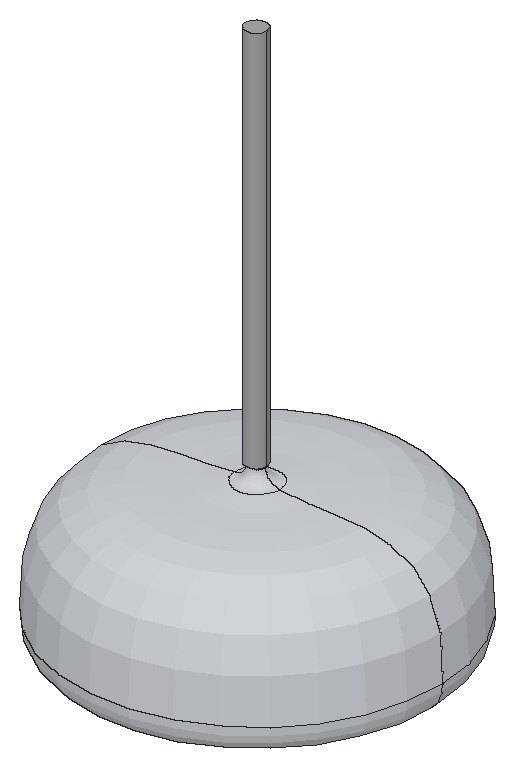
Revit family "P6-SM Pendant Loudspeaker", category Communication Devices, Revit 2017
Family settings
  Maintain Annotation Orientation = No
  Round Connector Dimension = Use Diameter
  Part Type = Normal
  Work Plane-Based = No
  Always vertical = Yes
  Cut with Voids When Loaded = No
  Shared = No
  Room Calculation Point = No
Parameters (values of type "P6-SM")
  Unit Weight = "5 kg (11 lbs)"
  URL = "Default"
  Type Comments = "Not Used"
  Transformer - 70V = "60W, 30W, 15W, 7.5W, 3.75W, 1.875W"
  Transformer - 100V = "60W, 30W, 15W, 7.5W, 3.75W"
  Support Cable Length [instance] = 1' - 0"
  Recommended Amplifiers = "60W - 102W @ 6 ohms, (19V - 27V)"
  Required Accessories = "80 Hz, 12db/Oct High Pass"
  Transducers = "LF1 x 6.5\" (165mm) polypropylene cone / HF1 x 1\" (25mm) soft dome"
  Support Cable Diameter [instance] = 0' - 0 21/64"
  Operating Range = "75 Hz to 18.5 kHz (-10dB)"
  Operating Mode = "Passive with DSP"
  Operating Environment = "Indoor/Outdoor (splash applications only)"
  Nominal Sensitivity @ 1m = "Passive / @1W - 87 dB / @2.83V - 88 dB"
  Nominal Maximum SPL @ 1m = "Passive / Peak - 111 db / Continuous - 105 dB"
  Nominal Beamwidth (H x V) = "90°, conical"
  Mounting Provisions = "Two pre-terminated aircarft cables (one as primary support, one as a saftey cable), and Griplock cable fasteners. 14 feet (4.3 m) of pre-terminated Magic Cable"
  Mounting Height [instance] = 10' - 0"
  Model = "P6-SM"
  Manufacturer = "Biamp"
  Input Connection = "Pre-terminated inside housing"
  Grille = "Powder-coated perforated steel\r\nWhite (RAL 9011) or Black (RAL 9010) finish"
  Finish = "PC/ABS V-O plastic, matte finish (Black or White)"
  Dimensions H x W (diameter) = "139 mm x 292mm (5.5\" x 11.5\")"
  Description = "Default"
  Controls = "Wattage / low impedance selector switch"
  Continuous Power Handling @ Nominal Impedance = "Passive / 19V / 60W @6 ohms (240W peak)"
  Compliance = "ETL listed to comply with UL std 1480A, \r\n\r\nSuspension system and Gripple cable fasteners listed per\r\nUL1598 and UL2239, TUV and CSA Class 3426-01 and Class\r\n3426-81."
  Accessories (included) = "Two Griplock cbale fasteners"
  Accessories (optional) = "MC-SK10 inline splice kits"
Reference planes (in)
  plane 1 "Center (Front/Back)": y = 0
  plane 2: z = 0
  plane 3 "Center (Left/Right)": x = 0
  plane 4 "Face of Speaker": z = 120
  plane 5 "Molding Break Line": z = 120
  plane 6 "Top of Speaker": z = 125.5
  plane 7: z = 137.5
Forms (in)
  Extrusion 1, solid, material "Aircraft Cable"
    sketch origin (0, 0, 0) x (1, 0, 0) y (0, 1, 0)
      loop
        circle (0, 0) r 0.32812
    from 125.5 to 137.5
  Revolve 2, solid
    sketch origin (-36.95844, 0, 0) x (1, 0, 0) y (0, 0, 1)
      loop
        spline (37, 120) -> (38.31947, 120.01364) -> (39.41592, 120.05313) -> (40.31025, 120.11629) -> (41.02336, 120.20098) -> (41.57615, 120.30502) -> (41.98953, 120.42625) -> (42.28439, 120.56252) -> (42.48164, 120.71166) -> (42.60218, 120.8715) -> (42.66691, 121.03989) -> (42.69673, 121.21466) -> (42.71255, 121.39365)
        spline (42.71255, 121.39365) -> (42.70061, 122.34765) -> (42.56401, 123.10775) -> (42.318, 123.69647) -> (41.97783, 124.13634) -> (41.55874, 124.4499) -> (41.076, 124.65966) -> (40.54483, 124.78815) -> (39.98049, 124.85789) -> (39.39823, 124.89143) -> (38.8133, 124.91127) -> (38.24094, 124.93995) -> (37.69641, 125)
        arc (37.69641, 125) -> (37.38075, 125.13075) -> (37.25, 125.44641) r 0.44641
        line (37.25, 125.44641) -> (37.25, 125.5) -> (37, 125.5) -> (37, 120)
      axis (37, 125.5) -> (37, 120)
    angle from 0 to 360
Dimensions and locks (in)
  "Mounting Height": plane 4 "Face of Speaker" to plane 2
  "Support Cable Length": plane 7 to plane 6 "Top of Speaker"
  plane 6 "Top of Speaker" to plane 4 "Face of Speaker" = 0' - 5 1/2"
  plane 5 "Molding Break Line" to plane 4 "Face of Speaker" = 0' - 0"
  level to plane 4 "Face of Speaker" = 10' - 0"
  plane 5 "Molding Break Line" to plane 6 "Top of Speaker" = 0' - 5 1/2"
  "Support Cable Diameter": radius of Extrusion 1 sketch curve
  aligned and locked: plane 2 to level
  aligned and locked: plane 7 to Extrusion 1
  aligned and locked: Extrusion 1 to plane 6 "Top of Speaker"
Automatic sketch dimensions
  Revolve 2 sketch curve to plane 4 "Face of Speaker" = 0' - 0"  (x2)
  Revolve 2 sketch curve to plane 6 "Top of Speaker" = 0' - 0"  (x2)
  Revolve 2 sketch curve to Revolve 2 sketch curve = 0' - 0.44641"
  Revolve 2 sketch curve to plane 6 "Top of Speaker" = 0' - 4.10635"
  plane 3 "Center (Left/Right)" to Revolve 2 sketch curve = 0' - 0.04156"
  Revolve 2 sketch curve to Revolve 2 sketch curve = 0' - 0.05359"
  Revolve 2 sketch curve to Revolve 2 sketch curve = 0' - 0"
  Revolve 2 sketch curve to Revolve 2 sketch curve = 0' - 0 1/4"
  plane 3 "Center (Left/Right)" to Revolve 2 sketch curve = 0' - 5.7541"
  plane 1 "Center (Front/Back)" to Extrusion 1 sketch curve = 0' - 0"
  Extrusion 1 sketch curve to plane 3 "Center (Left/Right)" = 0' - 0"
